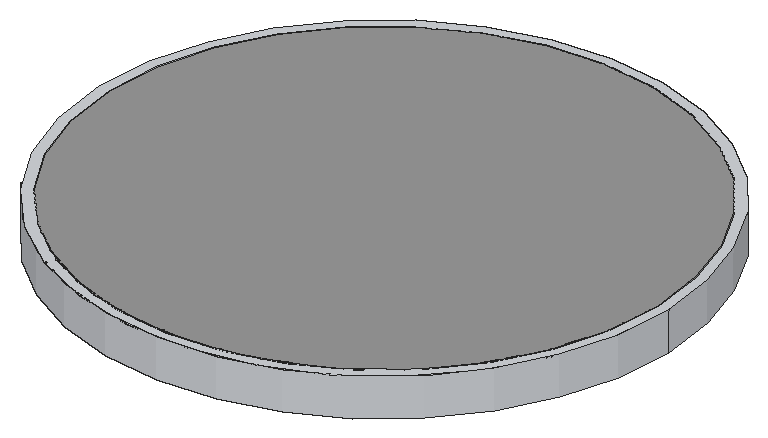
Revit family "2071245", category Lighting Fixtures, host Face, Revit 2018
Family settings
  Host = Face
  Round Connector Dimension = Use Diameter
  Part Type = Normal
  OmniClass Number = 23.80.70.00
  OmniClass Title = Lighting
  Cut with Voids When Loaded = No
  Light Source = Yes
  Shared = No
  Room Calculation Point = No
Parameters (values of type "2071245 COLOSSAL 900 840 PR DIR WHT DALI")
  iner diameter = 856 mm
  Weight = "n/a"
  Wattage Comments = ""
  Wattage = 30 W
  WarrantyStartDate [instance] = "n/a"
  WarrantyGuarantorParts = "n/a"
  WarrantyDurationUnit = "n/a"
  WarrantyDurationParts = ""
  WarrantyDescription = "http://www.sylvania-lighting.com"
  built-in parameter 1150110 = 1 (stored number, unit not read)
  Voltage = 230 V
  URL = "0.99"
  TypeName = "COLOSSAL 900mm 840 PRISM DIR WHITE DALI"
  Type Image = <None>
  Type Comments = "n/a"
  built-in parameter 1114217 = 1 (stored number, unit not read)
  Tilt Angle = -90.00°
  built-in parameter 1150109 = 1 (stored number, unit not read)
  built-in parameter 1150134 = (empty or 0)
  built-in parameter 1150113 = 1 (stored number, unit not read)
  SerialNumber [instance] = "n/a"
  Photometric Web File = "2071245.ies"
  Material_3_SYL = LED-Sylvania
  PowerFactor = 0
  PowerConsumption = "Lighting"
  NominalLength = 888 mm
  NominalHeight = 93 mm
  NominalDepth = 888 mm
  Name = "COLOSSAL 900mm 840 PRISM DIR WHITE DALI"
  ModelReference = Name  # "COLOSSAL 900mm 840 PRISM DIR WHITE DALI"
  ModelNumber = "2071245"
  Model = Name  # "COLOSSAL 900mm 840 PRISM DIR WHITE DALI"
  Material = "Feilo Sylvania"
  ManufacturerName = "139 lm/W"
  Manufacturer = ""
  LuminousEfficacy = ""
  built-in parameter 1150105 = 270.44 (stored number, unit not read)
  Lumens = 3398.4 lm
  LuminaireType = "0"
  built-in parameter 1150115 = 1 (stored number, unit not read)
  LightOutputRatio = "LED"
  built-in parameter 1150137 = (empty or 0)
  built-in parameter 1150139 = (empty or 0)
  LampsType = Lamp  # "n/a"
  LampNominalLuminous = "4000 K"
  LampMacAdamStep = "80"
  LampColourTemperature = "LED"
  LampColourRenderingIndex = "16500"
  built-in parameter 1150112 = 1 (stored number, unit not read)
  built-in parameter 1150114 = 1 (stored number, unit not read)
  Lamp = "n/a"
  Keynote = "n/a"
  InstallationDate [instance] = "n/a"
  InputVoltage = "0"
  InputNominalFrequency = "4000"
  built-in parameter 1150132 = (empty or 0)
  built-in parameter 1150102 = (empty or 0)
  built-in parameter 1150107 = 3000 (stored number, unit not read)
  built-in parameter 1150138 = (empty or 0)
  IngressProtection = "IfcLightFixtureType"
  ImpactProtectionIndex = "IfcLightFixtureType"
  built-in parameter 1150106 = 2.7044 (stored number, unit not read)
  IfcExportType = "IfcLightFixtureType"
  IfcExportAs = "Class I"
  Emit from Circle Diameter = 385 mm
  Emit Shape Visible in Rendering = no
  ElectricShockClassification = "139"
  built-in parameter 1150104 = 10.524 (stored number, unit not read)
  DocumentationLiterature = "http://www.sylvania-lighting.com/product/en-int/products/2071245"
  DimmingControlOptions = "n/a"
  Material_2_SYL = Polycarbonate_Sylvania_White
  Dimming Lamp Color Temperature Shift = <None>
  Description = "900mm diameter circular architectural luminaire, can be surface mounted or suspended. Powder coated aluminium housing (RAL9016) with PMMA prismatic diffuser. Direct light distribution, 8170lm luminuous flux, 58.7W system power, 139lm/W luminiaire efficacy. DALI dimmable. Colour rendering index Ra >80, 4000K Neutral White LED, chromaticity tolerance of 3-step MacAdam ellipse. IP40/IP20, IK03. 350mA drive current. UGR≤19. Electrical protection Class1, 220-240V. Reported lifetime 66k hours L90B10."
  Default Elevation = 1219.2 mm
  CreatedOn = "23/03/2022"
  CreatedBy = "@sylvania-lighting.com"
  Cost = 0
  Color Filter = 16777215
  built-in parameter 1114216 [instance] = (empty or 0)
  ClassificationValue = "EF_70_80"
  ClassificationName = "Uniclass2015"
  Material_1_SYL = Polycarbonate_Sylvania_Opal
  BarCode [instance] = "n/a"
  built-in parameter 1114218 = 1 (stored number, unit not read)
  built-in parameter 1150133 = 10 (stored number, unit not read)
  AssetType = "Fixed"
  AssetIdentifier [instance] = "n/a"
  Assembly Code = "D5020200"
  Apparent Load = 58.7 VA
  Material_4_SYL = none
Reference planes
  plane 1 "Center (Front/Back)": y = 0
  plane 2: z = 0
  plane 3 "Center (Left/Right)": x = 0
  plane 4: z = 1.161
  plane 5: z = 16.161
  plane 6: x = -444
  plane 7: x = 444
  plane 8: y = 444
  plane 9: y = -444
  plane 10: y = 236
  plane 11: y = -236
  plane 12: x = 85
  plane 13: x = -85
  plane 14: through (0, 0, 1219.2) normal (0.5, 0.866, 0)
  plane 15: through (42.5, 73.612, 1219.2) normal (0.5, 0.866, 0)
  plane 16: through (-42.5, -73.612, 1219.2) normal (0.5, 0.866, 0)
  plane 17: through (0, 0, 1219.2) normal (0.5, -0.866, 0)
  plane 18: through (-42.5, 73.612, 1219.2) normal (0.5, -0.866, 0)
  plane 19: through (42.5, -73.612, 1219.2) normal (0.5, -0.866, 0)
  plane 20: z = 93
  plane 21: y = 428
  plane 22: y = -428
Forms (mm)
  Extrusion 1, solid, detail levels medium+fine
    sketch origin (0, 0, 0) x (0.866025, -0.5, 0) y (0.5, 0.866025, 0)
      loop
        circle (-50, 86.603) r 22
    from 0 to 2
  Extrusion 2, solid, detail levels medium+fine
    sketch origin (0, 0, 0) x (0.866025, -0.5, 0) y (0.5, 0.866025, 0)
      loop
        circle (100, 0) r 22
      loop
        circle (-50, -86.603) r 22
    from 0 to 2
  Blend 3, solid, detail levels medium+fine
    base sketch origin (0, 0, 0) x (1, 0, 0) y (0, 1, 0)
      loop
        line (-85, 236) -> (-246.882, -44.388) -> (-161.882, -191.612) -> (161.882, -191.612) -> (246.882, -44.388) -> (85, 236) -> (-85, 236)
    top sketch origin (0, 0, 0) x (1, 0, 0) y (0, 1, 0)
      loop
        line (-85, 283.076) -> (-287.651, -67.926) -> (-207.792, -218.119) -> (207.792, -218.119) -> (292.5, -71.401) -> (85, 283.076) -> (-85, 283.076)
    from 0 to 33.022
  Extrusion 4, solid, detail levels medium+fine
    sketch origin (0, 0, 0) x (1, 0, 0) y (0, 1, 0)
      loop
        circle (0, 0) r 444
    from 33.022 to 93
  Extrusion 5, void
    sketch origin (0, 0, 0) x (1, 0, 0) y (0, 1, 0)
      loop
        circle (0, 0) r 428
    from 96.588 to 37.292
  Extrusion 6, solid, material "Glass, White, High Luminance", detail levels fine
    sketch origin (0, 0, 0) x (1, 0, 0) y (0, 1, 0)
      loop
        circle (0, 0) r 428
    from 87.991 to 93
  Extrusion 7, solid, detail levels coarse
    sketch origin (0, 0, 0) x (1, 0, 0) y (0, 1, 0)
      loop
        line (-444, 444) -> (-444, -444) -> (444, -444) -> (444, 444) -> (-444, 444)
    from 0 to 93.648
Cuts and joins
  Extrusion 5 cuts Extrusion 1
  Extrusion 5 cuts Extrusion 2
  Extrusion 5 cuts Blend 3
  Extrusion 5 cuts Extrusion 4
Lines and regions (mm)
  model lines, detail levels medium+fine
    curve 1: circle (0, 0, 0) r 100 normal (0, 0, 1)
Dimensions and locks
  "NominalDepth": plane 8 to plane 9
  plane 8 to plane 1 "Center (Front/Back)" to plane 9 = 444 mm, 444 mm
  "NominalLength": plane 6 to plane 7
  equal spacing: plane 6, plane 3 "Center (Left/Right)", plane 7
  "NominalHeight": level to plane 20
  "iner diameter": plane 21 to plane 22
  equal spacing: plane 21, plane 1 "Center (Front/Back)", plane 22
  aligned and locked: plane 2 to host face
  aligned and locked: level to host face
Automatic sketch dimensions
  host sketch curve to host sketch curve = 2438.4 mm  (x2)
  Extrusion 1 sketch curve to plane 3 "Center (Left/Right)" = 0 mm
  Extrusion 1 sketch curve to plane 1 "Center (Front/Back)" = 100 mm
  plane 1 "Center (Front/Back)" to Extrusion 2 sketch curve = 50 mm
  Extrusion 2 sketch curve to plane 3 "Center (Left/Right)" = 86.603 mm
  Extrusion 2 sketch curve to Extrusion 2 sketch curve = 150 mm
  Extrusion 2 sketch curve to Extrusion 2 sketch curve = 86.603 mm
  plane 1 "Center (Front/Back)" to curve 1 = 0 mm
  curve 1 to plane 3 "Center (Left/Right)" = 0 mm
  plane 18 to Blend 3 sketch curve = 0 mm  (x2)
  plane 19 to Blend 3 sketch curve = 0 mm  (x2)
  Blend 3 sketch curve to plane 10 = 0 mm
  Blend 3 sketch curve to plane 13 = 0 mm  (x2)
  Blend 3 sketch curve to plane 12 = 0 mm  (x2)
  Blend 3 sketch curve to plane 16 = 0 mm  (x2)
  Blend 3 sketch curve to plane 15 = 0 mm
  plane 11 to Blend 3 sketch curve = 44.388 mm
  plane 1 "Center (Front/Back)" to Blend 3 sketch curve = 44.388 mm  (x2)
  plane 11 to Blend 3 sketch curve = 17.881 mm
  plane 1 "Center (Front/Back)" to Blend 3 sketch curve = 67.926 mm
  plane 1 "Center (Front/Back)" to Blend 3 sketch curve = 71.401 mm
  Blend 3 sketch curve to plane 7 = 151.5 mm
  plane 10 to Blend 3 sketch curve = 47.076 mm
  plane 1 "Center (Front/Back)" to Extrusion 4 sketch curve = 0 mm
  Extrusion 4 sketch curve to plane 3 "Center (Left/Right)" = 0 mm
  plane 1 "Center (Front/Back)" to Extrusion 5 sketch curve = 0 mm
  Extrusion 5 sketch curve to plane 3 "Center (Left/Right)" = 0 mm
  plane 1 "Center (Front/Back)" to Extrusion 6 sketch curve = 0 mm
  Extrusion 6 sketch curve to plane 3 "Center (Left/Right)" = 0 mm
  Extrusion 7 sketch curve to plane 6 = 0 mm
  Extrusion 7 sketch curve to plane 7 = 0 mm
  Extrusion 7 sketch curve to plane 9 = 0 mm
  Extrusion 7 sketch curve to plane 8 = 0 mm
  radius of Extrusion 1 sketch curve = 22 mm
  radius of Extrusion 2 sketch curve = 22 mm  (x2)
  radius of curve 1 = 100 mm
  radius of Extrusion 4 sketch curve = 444 mm
  radius of Extrusion 5 sketch curve = 428 mm
  radius of Extrusion 6 sketch curve = 428 mm
Connectors
  electrical at (0, 0, 0), driven by "Apparent Load", driven by "PowerFactor", driven by "Voltage"
    settings: index 1, voltage 230 V, apparent load 58.7 VA, apparent load phase1 0 VA, apparent load phase2 0 VA, apparent load phase3 0 VA, power factor 0, load classification "Lighting", number of poles 1, system type 30, power factor state 1, is connector primary yes, connector utility no, sub classification motor no, connector description ""
